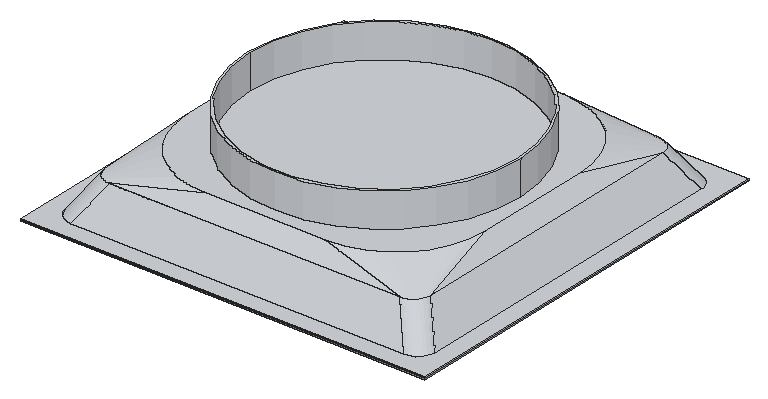
Revit family "01502_PFVI", category Air Terminals, Revit 2012
Parameters (values of type "PFVI-16"")
  Visible_Texto = or(or(Diametro_Requerido < 6", Diametro_Requerido > 16"), not(Diametro_Requerido = (Var1 * 1")))  # no
  Var1 = roundup(Diametro_Requerido / 2") * 2  # 16
  URL = "https://www.innes.com.mx"
  Type Comments = "Plenum de fibra de vidrio"
  Tipo de Cuello = "Redondo"
  Posición de Instalación = "Techo"
  Nota = if(Diametro_Requerido < 6", "Diámetro  no disponible, mínimo 6 in", if(Diametro_Requerido > 16", " Diámetro  no disponible, máximo 16 in", if(Diametro_Requerido = (Var1 * 1"), ".", "Diámetro No Válido. Solo incrementos de 2 in")))  # "."
  Model = "PFVI"
  Material = "Alum/Acero/Inoxidable"
  Manufacturer = "INNES"
  Función = "Inyección"
  Diametro_Requerido = 16"
  Description = "Difusor perforado para Retorno"
  Cuello Min-Max = "6\" a 16\" en Incrementos de 2\""
  Conect = if(or((Var1 * 1") < 6", (Var1 * 1") = 6"), 3", if(or((Var1 * 1") > 16", (Var1 * 1") = 16"), 8", (Var1 * 1") / 2))  # 8"
Types (7): name | Var1 | Diametro_Requerido | Description | Conect
  (no name) | 16 | 16" | "Difusor perforado para Retorno" | 8"
  PFVI-06" | 6 | 6" | "Difusor perforado para Inyección" | 3"
  PFVI-08" | 8 | 8" | "Difusor perforado para Inyección" | 4"
  PFVI-10" | 10 | 10" | "Difusor perforado para Inyección" | 5"
  PFVI-12" | 12 | 12" | "Difusor perforado para Retorno" | 6"
  PFVI-14" | 14 | 14" | "Difusor perforado para Retorno" | 7"
  PFVI-16" | 16 | 16" | "Difusor perforado para Retorno" | 8"
Reference planes (in)
  plane 1 "Center (Front/Back)": y = 0
  plane 2: z = 0
  plane 3 "Center (Left/Right)": x = 0
Nested families (in)
  nested 1: "Texto_PFVI" at (29.73564, -42.86941, 0), type "texto"
  nested 2: "PFVI" at (0, 0, 0), type "PFVI-06""
Connectors (in)
  hvac at (0, 0, 5.03125), driven by "Conect"
    settings: on nested 2, index 1, duct flow 0.0 L/s, flow factor 0, pres drop 0.0 Pa, loss coef 0, conn angle 0.00°, conn width 304.8 mm, conn height 304.8 mm, conn radius 203.2 mm, duct sys type 1, conn prof type 0, flow config 0, flow direction 0, loss method 0, conn ref index -1, conn util no, is conn primary yes, conn desc ""
Definition of nested family "PFVI"
  Parameters (values of type "PFVI-16"")
    Var2 = if(Var1 * 1" < 6", 6", if(Var1 * 1 > 16, 16", Var1 * 1"))  # 16"
    Var1 = roundup(Medida_Requerida_Cuello / 2") * 2  # 16
    URL = ""
    Radio_Interno = Radio - 1" / 8  # 7 7/8"
    Radio = Var2 / 2  # 8"
    Modulo = 24"  # constant formula
    Min Flow = 0.0 L/s
    Max Flow = 0.0 L/s
    Malla = none
    B_Plato = Modulo - 1" / 4  # 23 3/4"
    Model = ""
    Manufacturer = ""
    Medida_Requerida_Cuello = 16"
    Blend_Inicio_1.1 = 19 1/16"  # constant formula
    Blend_Inicio = 21 9/16"  # constant formula
    Blend_Final = 17 1/2"  # constant formula
    Altura_Base = 3 1/32"  # constant formula
  Types (6): name | URL | Min Flow | Max Flow | Manufacturer
    PFVI-06" | "http://www.innes.com" | 28.3168 L/s | 103.828 L/s | "INNES"
    PFVI-08" | "" | 28.3168 L/s | 103.828 L/s | ""
    PFVI-10" | "" | 28.3168 L/s | 103.828 L/s | ""
    PFVI-12" | "" | 28.3168 L/s | 103.828 L/s | ""
    PFVI-14" | "" | 28.3168 L/s | 103.828 L/s | ""
    PFVI-16" | "" | 0.0 L/s | 0.0 L/s | ""
  Reference planes (in)
    plane 1 "Center (Front/Back)": y = 0
    plane 2: z = 0
    plane 3 "Center (Left/Right)": x = 0
    plane 4: y = 11.875
    plane 5: y = -11.875
    plane 6: x = -11.875
    plane 7: x = 11.875
    plane 8 "BASE1 BLEND": z = 0.125
    plane 9: x = -10.78125
    plane 10: x = 10.78125
    plane 11: y = 10.78125
    plane 12: y = -10.78125
    plane 13: x = -9.53125
    plane 14: x = 9.53125
    plane 15: y = 9.53125
    plane 16: y = -9.53125
    plane 17: z = 2.125
    plane 18 "BASE CUELLO": z = 3.03125
    plane 19: x = -9.53125
    plane 20: x = 9.53125
    plane 21: y = 9.53125
    plane 22: y = -9.53125
    plane 23: x = -8.75
    plane 24: x = 8.75
    plane 25: y = 8.75
    plane 26: y = -8.75
  Forms (in)
    Blend 1, solid
      base sketch origin (0, 0, 0.125) x (-1, 0, 0) y (0, -1, 0)
        loop
          arc (9.78125, -10.78125) -> (10.48836, -10.48836) -> (10.78125, -9.78125) r 1
          line (10.78125, -9.78125) -> (10.78125, 9.78125)
          arc (10.78125, 9.78125) -> (10.48836, 10.48836) -> (9.78125, 10.78125) r 1
          line (9.78125, 10.78125) -> (-9.78125, 10.78125)
          arc (-9.78125, 10.78125) -> (-10.48836, 10.48836) -> (-10.78125, 9.78125) r 1
          line (-10.78125, 9.78125) -> (-10.78125, -9.78125)
          arc (-10.78125, -9.78125) -> (-10.48836, -10.48836) -> (-9.78125, -10.78125) r 1
          line (-9.78125, -10.78125) -> (9.78125, -10.78125)
      top sketch origin (0, 0, 0.125) x (-1, 0, 0) y (0, -1, 0)
        loop
          arc (8.52301, -9.53125) -> (9.23012, -9.23836) -> (9.52301, -8.53125) r 1
          line (9.52301, -8.53125) -> (9.52301, 8.53125)
          arc (9.52301, 8.53125) -> (9.23012, 9.23836) -> (8.52301, 9.53125) r 1
          line (8.52301, 9.53125) -> (-8.53125, 9.53125)
          arc (-8.53125, 9.53125) -> (-9.23836, 9.23836) -> (-9.53125, 8.53125) r 1
          line (-9.53125, 8.53125) -> (-9.53125, -8.53125)
          arc (-9.53125, -8.53125) -> (-9.23836, -9.23836) -> (-8.53125, -9.53125) r 1
          line (-8.53125, -9.53125) -> (8.52301, -9.53125)
      from 0 to 2
    Blend 2, solid
      base sketch origin (0, 0, 3.03125) x (-1, 0, 0) y (0, -1, 0)
        loop
          arc (8.53125, -9.53125) -> (9.23836, -9.23836) -> (9.53125, -8.53125) r 1
          line (9.53125, -8.53125) -> (9.53125, 8.53125)
          arc (9.53125, 8.53125) -> (9.23836, 9.23836) -> (8.53125, 9.53125) r 1
          line (8.53125, 9.53125) -> (-8.53125, 9.53125)
          arc (-8.53125, 9.53125) -> (-9.23836, 9.23836) -> (-9.53125, 8.53125) r 1
          line (-9.53125, 8.53125) -> (-9.53125, -8.53125)
          arc (-9.53125, -8.53125) -> (-9.23836, -9.23836) -> (-8.53125, -9.53125) r 1
          line (-8.53125, -9.53125) -> (8.53125, -9.53125)
      top sketch origin (0, 0, 3.03125) x (-1, 0, 0) y (0, -1, 0)
        loop
          arc (3.5, -8.75) -> (7.21231, -7.21231) -> (8.75, -3.5) r 5.25
          line (8.75, -3.5) -> (8.75, 3.5)
          arc (8.75, 3.5) -> (7.21231, 7.21231) -> (3.5, 8.75) r 5.25
          line (3.5, 8.75) -> (-3.5, 8.75)
          arc (-3.5, 8.75) -> (-7.21231, 7.21231) -> (-8.75, 3.5) r 5.25
          line (-8.75, 3.5) -> (-8.75, -3.5)
          arc (-8.75, -3.5) -> (-7.21231, -7.21231) -> (-3.5, -8.75) r 5.25
          line (-3.5, -8.75) -> (3.5, -8.75)
      from -0.90625 to 0
    Extrusion 3, solid
      sketch origin (0, 0, 3.03125) x (-1, 0, 0) y (0, -1, 0)
        loop
          circle (0, 0) r 8
        loop
          circle (0, 0) r 7.875
      from 0 to 2
    Extrusion 4, solid, material "Default"
      sketch origin (0, 0, 3.03125) x (-1, 0, 0) y (0, -1, 0)
        loop
          line (11.875, -11.875) -> (11.875, 11.875) -> (-11.875, 11.875) -> (-11.875, -11.875) -> (11.875, -11.875)
      from -3.03125 to -2.96283
    Extrusion 5, solid
      sketch origin (0, 0, 3.03125) x (-1, 0, 0) y (0, -1, 0)
        loop
          line (11.875, -11.875) -> (11.875, 11.875) -> (-11.875, 11.875) -> (-11.875, -11.875) -> (11.875, -11.875)
        loop
          arc (9.80356, -10.78125) -> (10.49489, -10.49489) -> (10.78125, -9.80356) r 0.97769
          line (10.78125, -9.80356) -> (10.78125, 9.806)
          arc (10.78125, 9.806) -> (10.49561, 10.49561) -> (9.806, 10.78125) r 0.97525
          line (9.806, 10.78125) -> (-9.81105, 10.78125)
          arc (-9.81105, 10.78125) -> (-10.49709, 10.49709) -> (-10.78125, 9.81105) r 0.9702
          line (-10.78125, 9.81105) -> (-10.78125, -9.82888)
          arc (-10.78125, -9.82888) -> (-10.47117, -10.50511) -> (-9.78038, -10.78125) r 1.00211
          line (-9.78038, -10.78125) -> (9.80356, -10.78125)
      from -2.96283 to -2.90625
  Dimensions and locks (in)
    equal spacing: plane 4, plane 1 "Center (Front/Back)", plane 5
    equal spacing: plane 6, plane 3 "Center (Left/Right)", plane 7
    "B_Plato": plane 4 to plane 5
    "B_Plato": plane 6 to plane 7
    equal spacing: plane 9, plane 3 "Center (Left/Right)", plane 10
    equal spacing: plane 11, plane 1 "Center (Front/Back)", plane 12
    "Blend_Inicio": plane 9 to plane 10
    "Blend_Inicio": plane 11 to plane 12
    equal spacing: plane 13, plane 3 "Center (Left/Right)", plane 14
    equal spacing: plane 15, plane 1 "Center (Front/Back)", plane 16
    "Blend_Inicio_1.1": plane 13 to plane 14
    "Blend_Inicio_1.1": plane 15 to plane 16
    "Altura_Base": plane 18 "BASE CUELLO" to level
    equal spacing: plane 21, plane 1 "Center (Front/Back)", plane 22
    "Blend_Inicio_1.1": plane 21 to plane 22
    equal spacing: plane 19, plane 3 "Center (Left/Right)", plane 20
    "Blend_Inicio_1.1": plane 19 to plane 20
    equal spacing: plane 25, plane 1 "Center (Front/Back)", plane 26
    "Blend_Final": plane 25 to plane 26
    equal spacing: plane 23, plane 3 "Center (Left/Right)", plane 24
    "Blend_Final": plane 23 to plane 24
    "Blend_Final": Blend 2 to Blend 2  (x2)
    equal spacing: Blend 2, plane 1 "Center (Front/Back)", Blend 2
    equal spacing: Blend 2, plane 3 "Center (Left/Right)", Blend 2
    "Radio": radius of Extrusion 3 sketch curve
    "Radio_Interno": radius of Extrusion 3 sketch curve
    aligned and locked: plane 2 to level
    aligned and locked: Extrusion 4 to level
    aligned and locked: Extrusion 5 sketch curve to Extrusion 4  (x4)
    aligned and locked: Extrusion 5 sketch curve to plane 11
    aligned and locked: plane 9 to Extrusion 5 sketch curve
    aligned and locked: plane 12 to Extrusion 5 sketch curve
    aligned and locked: Extrusion 5 sketch curve to plane 10
    aligned and locked: plane 8 "BASE1 BLEND" to Extrusion 5
    aligned and locked: Extrusion 5 to Extrusion 4
    aligned and locked: Extrusion 5 sketch curve to Extrusion 5 sketch curve
  Automatic sketch dimensions
    Blend 1 sketch curve to plane 10 = 0"
    Blend 1 sketch curve to plane 11 = 0"
    Blend 1 sketch curve to plane 12 = 0"
    Blend 1 sketch curve to plane 9 = 0"
    Blend 1 sketch curve to Blend 1 sketch curve = 1"
    Blend 1 sketch curve to plane 10 = 1"
    plane 9 to Blend 1 sketch curve = 1"  (x2)
    Blend 1 sketch curve to plane 14 = 0"
    Blend 1 sketch curve to plane 16 = 0"
    Blend 1 sketch curve to plane 15 = 0"
    Blend 1 sketch curve to plane 14 = 1"  (x2)
    plane 13 to Blend 1 sketch curve = 1.00824"  (x2)
    plane 13 to Blend 1 sketch curve = 0.00824"
    Blend 2 sketch curve to plane 20 = 0"
    Blend 2 sketch curve to plane 22 = 0"
    Blend 2 sketch curve to plane 21 = 0"
    Blend 2 sketch curve to plane 19 = 0"
    Blend 2 sketch curve to plane 20 = 1"  (x2)
    plane 19 to Blend 2 sketch curve = 1"  (x2)
    Blend 2 sketch curve to plane 24 = 0"
    Blend 2 sketch curve to plane 26 = 0"
    Blend 2 sketch curve to plane 25 = 0"
    Blend 2 sketch curve to plane 23 = 0"
    plane 1 "Center (Front/Back)" to Blend 2 sketch curve = 3 1/2"
    Blend 2 sketch curve to plane 3 "Center (Left/Right)" = 3 1/2"  (x2)
    plane 3 "Center (Left/Right)" to Blend 2 sketch curve = 3 1/2"
    Extrusion 4 sketch curve to plane 4 = 0"
    Extrusion 4 sketch curve to plane 7 = 0"
    Extrusion 4 sketch curve to plane 5 = 0"
    Extrusion 4 sketch curve to plane 6 = 0"
    plane 20 to Extrusion 5 sketch curve = 0.2798"
    plane 21 to Extrusion 5 sketch curve = 0.24789"
    Extrusion 5 sketch curve to Extrusion 5 sketch curve = 1.00087"
    Extrusion 5 sketch curve to plane 19 = 0.27231"
    Extrusion 5 sketch curve to plane 19 = 0.27475"
    Extrusion 3 sketch curve to Extrusion 3 sketch curve = 0"  (x2)
    plane 1 "Center (Front/Back)" to Extrusion 3 sketch curve = 0"
    Extrusion 3 sketch curve to plane 3 "Center (Left/Right)" = 0"
Definition of nested family "Texto_PFVI"
  Parameters (values of type "texto")
    texto = " Diámetro  no disponible, máximo 16 in"
    Visible_Texto = yes
    Color = rojo
  Reference planes (in)
    plane 1 "Center (Front/Back)": y = 0
    plane 2: z = 0
    plane 3 "Center (Left/Right)": x = 0
